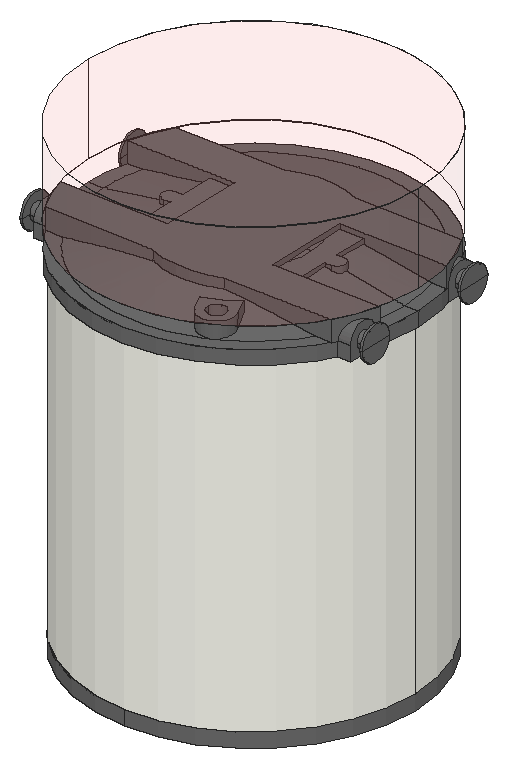
Revit family
Parameters (values of type "1190C4F")
  Watermarked By = "http://revitwatermark.com"
  Water_Ice Tank Volume = "1655 Gallons"
  Warning = "Ice tanks are a component in an ice storage system including chillers, pumps, and controls. Contact CALMAC for IceBank® selection support to make sure all system components will work together properly."
  URL = "http://www.calmac.com/"
  Total Cooling Capacity [instance] = 0.0 ton
  Tank Net Usable Capacity = "162 Ton-Hrs"
  Product Page URL = "http://www.calmac.com/products/icebank.asp"
  Is Tank 1 Front Right Connector Visible = not(CTRL Off)  # yes
  Is Tank 1 Front Left Connector Visible = not(CTRL Off)  # yes
  Is Tank 1 Back Right Connector Visible = not(CTRL Off)  # yes
  Is Tank 1 Back Left Connector Visible = not(CTRL Off)  # yes
  Surface Finish = Plastic- Calmac- Black
  Supply Coolant Temperature [instance] = -459.67 °F
  Storage Inlet Temperature [instance] = 60 °F
  Shipping Weight = 2000.00 lbf
  Return Coolant Temperature [instance] = -459.67 °F
  Requires Plate Heat Exchanger [instance] = no
  Project/Customer = ""
  Product Documentation Link = "http://www.calmac.com/products/documents/CS-56Model1190C4FAug2007.pdf"
  Pressure Drop [instance] = 0.00 psi
  Precool Hours [instance] = 0
  Pipe Material = Plastic- Calmac- Black
  Operating Weight = 16900.00 lbf
  Occupied Hours [instance] = 0
  Model = "1190C"
  Maximum Operating Temperature = "38°C"
  Maximum Operating Pressure = "620 kPa"
  Manufacturer e-mail = "info@Calmac.com"
  Manufacturer Contact Details = "CALMAC Manufacturing Corporation Headquarters, 3-00 Banta Place, Fair Lawn, NJ  07410, Tel: (201) 797-1511, Fax: (201) 797-1522"
  Manufacturer = "CALMAC Manufacturing Corp."  # constant formula
  Main Use [instance] = ""
  Location [instance] = ""
  Lid Type = Cooling_Plant_Accessories-Calmac-IceBank-Lid_C : Lid-C
  Lid Diameter = 89"  # constant formula
  Leg 4 = 46"  # constant formula
  Leg 1 = 46"  # constant formula
  Latent Cooling Capacity [instance] = 0.0 ton
  Inlet Outlet Center Height = 96 1/2"  # constant formula
  Heat Exchanger Volume = "157 Gallons"
  Has Rigging Bar [instance] = no
  Has Plate and Frame Heat Exchanger [instance] = no
  Has Ice Inventory Meter [instance] = no
  Has Heat Transfer Fluid [instance] = no
  Has Glycol Management System [instance] = no
  Floor Loading Weight = "363 lb/sq.ft."
  Factory Tested Pressure = "1724 kPa"
  Diversity Factor [instance] = 0
  Discharge Rate [instance] = 0
  Discharge Hours [instance] = 0
  Description = "Off-Peak Cooling System"
  Is Clearance Box Visible [instance] = yes
  Clearance Box Height = 24"  # constant formula
  City/State [instance] = ""
  CTRL On = yes
  CTRL Off = not(CTRL On)  # no
  CTRL Hydronic Supply Description = "Hydronic Supply"  # constant formula
  CTRL Hydronic Return Description = "Hydronic Return"  # constant formula
  CTRL Base Radius = 43 31/64"
  Body Material = Plastic- Calmac- Off_White
  Has Solid Base [instance] = yes
  Base Height = Inlet Outlet Center Height - 3 3/4"  # 92 3/4"
  Base Finish = Plastic- Calmac- Black
  Assembly Code = "D3030300"
  Actual Chilled Water Flow [instance] = 0 GPM
Reference planes (in)
  plane 1 "Center (Front/Back)": y = 0
  plane 2 "Bottom": z = 0
  plane 3 "Center (Left/Right)": x = 0
  plane 4 "T.O. Base": z = 92.75
  plane 5 "Inlet/Outlet Center (Elevation)": z = 96.5
  plane 6 "Right Connector Face": x = 46
  plane 7 "Left Connector Face": x = -46
  plane 8 "T.O. Lid": z = 102
  plane 9 "Top": z = 126
  plane 10 "Front Connector Center (F/B)": y = -16.5
  plane 11 "Back Connector Center (F/B)": y = 16.5
  plane 12 "Back": y = 44.5
  plane 13 "Front": y = -44.5
Dimensions and locks (in)
  locked: plane 5 "Inlet/Outlet Center (Elevation)" to plane 4 "T.O. Base" at 3.75
  "Inlet Outlet Center Height": plane 5 "Inlet/Outlet Center (Elevation)" to plane 2 "Bottom"
  "Leg 1": plane 3 "Center (Left/Right)" to plane 6 "Right Connector Face"
  "Leg 4": plane 7 "Left Connector Face" to plane 3 "Center (Left/Right)"
  locked: plane 8 "T.O. Lid" to plane 5 "Inlet/Outlet Center (Elevation)" at 5.5
  locked: plane 1 "Center (Front/Back)" to plane 11 "Back Connector Center (F/B)" at 16.5
  locked: plane 10 "Front Connector Center (F/B)" to plane 1 "Center (Front/Back)" at 16.5
  locked: plane 1 "Center (Front/Back)" to plane 12 "Back" at 44.5
  locked: plane 13 "Front" to plane 1 "Center (Front/Back)" at 44.5
  "Clearance Box Height": plane 9 "Top" to plane 8 "T.O. Lid"
  plane 7 "Left Connector Face" to plane 6 "Right Connector Face" = 92"
  plane 13 "Front" to plane 12 "Back" = 89"
  aligned and locked: plane 1 "Center (Front/Back)" to nested 1
  aligned and locked: plane 3 "Center (Left/Right)" to nested 1
  aligned and locked: plane 3 "Center (Left/Right)" to nested 2
  aligned and locked: plane 1 "Center (Front/Back)" to nested 2
  aligned and locked: plane 4 "T.O. Base" to nested 2
  aligned and locked: plane 2 "Bottom" to nested 1
Nested families (in)
  nested 1: "Cooling_Plant_Accessories-Calmac-IceBank-Base" at (0, 0, 0), type "Base"
    with Is Symbolic Line Visible no, Has Solid Base yes, CTRL Inner Wall Radius 42 39/64", CTRL Base Radius 43 31/64", Base Height 92 3/4"
  nested 2: "Cooling_Plant_Accessories-Calmac-IceBank-Lid_C" at (0, 0, 92.75), type <- "Lid Type", Is Front Right  Flanged Connector Visibility <- "Is Tank 1 Front Right Connector Visible", Is Front Left  Flanged Connector Visibility <- "Is Tank 1 Front Left Connector Visible", Is Clearance Box Visible <- "Is Clearance Box Visible", Is Back Right Flanged Connector Visibility <- "Is Tank 1 Back Right Connector Visible", Is Back Left  Flanged Connector Visibility <- "Is Tank 1 Back Left Connector Visible", Diameter <- "Lid Diameter", Clearance Box Height <- "Clearance Box Height", type "Lid-C"
    with Is Front Right  Flanged Connector Visibility yes, Is Front Left  Flanged Connector Visibility yes, Is Clearance Box Visible yes, Is Back Right Flanged Connector Visibility yes, Is Back Left  Flanged Connector Visibility yes, Diameter 89", Clearance Box Height 24", CTRL Radius 44 1/2"
Connectors (in)
  piping at (46.0007, -16.5, 96.5), driven by "CTRL Hydronic Return Description", driven by "Actual Chilled Water Flow"
    settings: on nested 2, index 2, connector radius 2", flow factor 0, pipe flow 0 GPM, pressure drop 0.00 psi, fitting loss kfactor 0, connector angle 0.00°, fixture units 0, flow configuration 0, flow direction 1, fitting loss method 0, system type 8, connector reference index -1, connector utility 0, adjustable connector no, is connector primary yes, fitting loss table "", connector description "Hydronic Return"
  piping at (46.0007, 16.5, 96.5), driven by "CTRL Hydronic Supply Description", driven by "Actual Chilled Water Flow"
    settings: on nested 2, index 3, connector radius 2", flow factor 0, pipe flow 0 GPM, pressure drop 0.00 psi, fitting loss kfactor 0, connector angle 0.00°, fixture units 0, flow configuration 0, flow direction 2, fitting loss method 0, system type 7, connector reference index -1, connector utility 0, adjustable connector no, is connector primary no, fitting loss table "", connector description "Hydronic Supply"
  piping at (-46.0007, 16.5, 96.5)
    settings: on nested 2, index 4, connector radius 2", flow factor 0, pipe flow 0 GPM, pressure drop 0.00 psi, fitting loss kfactor 0, connector angle 0.00°, fixture units 0, flow configuration 0, flow direction 0, fitting loss method 0, system type 7, connector reference index -1, connector utility 0, adjustable connector no, is connector primary no, fitting loss table "", connector description ""
  piping at (-46.0007, -16.5, 96.5)
    settings: on nested 2, index 5, connector radius 2", flow factor 0, pipe flow 0 GPM, pressure drop 0.00 psi, fitting loss kfactor 0, connector angle 0.00°, fixture units 0, flow configuration 0, flow direction 0, fitting loss method 0, system type 7, connector reference index -1, connector utility 0, adjustable connector no, is connector primary no, fitting loss table "", connector description ""
Definition of nested family "Cooling_Plant_Accessories-Calmac-IceBank-Base"
  Parameters (values of type "Base")
    Wall Thickness = 7/8"
    URL = "http://www.calmac.com/"
    Type Comments = ""
    Is Symbolic Line Visible = not(Has Solid Base)  # yes
    Has Solid Base = no
    Model = ""
    Manufacturer = "CALMAC Manufacturing Corp."  # constant formula
    CTRL Inner Wall Radius = CTRL Base Radius - Wall Thickness  # 36"
    CTRL Base Radius = 36 7/8"
    Body Material = Plastic- Calmac- Off_White
    Base Height = 43 5/16"
    Base Finish = Plastic- Calmac- Black
    Assembly Code = "D3030"
  Reference planes (in)
    plane 1 "Center (Front/Back)": y = 0
    plane 2 "Bottom": z = 0
    plane 3 "Center (Left/Right)": x = 0
    plane 4 "Back": y = 36.875
    plane 5 "Front": y = -36.875
    plane 6 "Right": x = 36.875
    plane 7 "Left": x = -36.875
    plane 8 "T.O. Base Plate": z = 4
    plane 9 "Right Edge of Right Void": x = 24.125
    plane 10 "Left Edge of Right Void": x = 13.125
    plane 11 "Left Edge of Left Void": x = -24.125
    plane 12 "Right Edge of Left Void": x = -13.125
    plane 13 "T.O. Base Void": z = 2
    plane 14 "T.O. Base": z = 43.3125
  Forms (in)
    Extrusion 1, solid, material "Plastic- Calmac- Black" <- "Base Finish", visible <- "Is Symbolic Line Visible", detail levels fine
      sketch origin (0, 0, 0) x (1, 0, 0) y (0, 1, 0)
        loop
          circle (0, 0) r 36.875
      from 0 to 4
    Extrusion 2, void
      sketch origin (0, 0, 0) x (1, 0, 0) y (0, 1, 0)
        loop
          line (-24.125, 36.875) -> (-24.125, -36.875) -> (-13.125, -36.875) -> (-13.125, 36.875) -> (-24.125, 36.875)
        loop
          line (13.125, 36.875) -> (13.125, -36.875) -> (24.125, -36.875) -> (24.125, 36.875) -> (13.125, 36.875)
      from 0 to 2
    Extrusion 3, solid, material "Plastic- Calmac- Off_White" <- "Body Material", detail levels fine
      sketch origin (0, 0, 0) x (1, 0, 0) y (0, 1, 0)
        loop
          circle (0, 0) r 36.875
        loop
          circle (0, 0) r 36
      from 4 to 43.3125
    Extrusion 4, solid, material "Plastic- Calmac- Black" <- "Base Finish", visible <- "Has Solid Base", detail levels fine
      sketch origin (0, 0, 43.3125) x (0, -1, 0) y (1, 0, 0)
        loop
          circle (0, 0) r 36.875
      from -43.3125 to -39.3125
  Cuts and joins
    Extrusion 2 cuts Extrusion 3
    Extrusion 2 cuts Extrusion 1
  Lines and regions (in)
    Masking region 1
      outline origin (0, 0, 0) x (1, 0, 0) y (0, 1, 0)
        loop
          circle (0, 0) r 36.875
    Masking region 2
      outline origin (0, 0, 0) x (1, 0, 0) y (0, 0, 1)
        loop
          line (-36.875, 0) -> (36.875, 0) -> (36.875, 43.3125) -> (-36.875, 43.3125) -> (-36.875, 0)
    Masking region 3
      outline origin (0, 0, 0) x (0, 1, 0) y (0, 0, 1)
        loop
          line (-36.875, 0) -> (36.875, 0) -> (36.875, 43.3125) -> (-36.875, 43.3125) -> (-36.875, 0)
    symbolic lines, style "Base", detail levels medium+fine
      curve 1: line (-36.875, 0, 4) -> (36.875, 0, 4)
      curve 8: line (0, -36.875, 4) -> (0, 36.875, 4)
    symbolic lines, style "Base", visible <- "Is Symbolic Line Visible", detail levels medium+fine
      curve 2: line (-24.125, 0, 0) -> (-24.125, 0, 2)
      curve 3: line (-24.125, 0, 2) -> (-13.125, 0, 2)
      curve 4: line (13.125, 0, 2) -> (24.125, 0, 2)
      curve 5: line (13.125, 0, 0) -> (13.125, 0, 2)
      curve 6: line (24.125, 0, 0) -> (24.125, 0, 2)
      curve 7: line (-13.125, 0, 0) -> (-13.125, 0, 2)
    model lines, style "Base", detail levels medium
      curve 9: circle (0, 0, 43.3125) r 36.875 normal (0, 0, 1)
      curve 10: circle (0, 0, 4) r 36.875 normal (0, 0, 1)
      curve 11: circle (0, 0, 0) r 36.875 normal (0, 0, 1)
      curve 12: line (36.875, 0, 0) -> (36.875, 0, 43.3125)
      curve 13: line (-36.875, 0, 0) -> (-36.875, 0, 43.3125)
      curve 14: line (0, -36.875, 0) -> (0, -36.875, 43.3125)
      curve 15: line (0, 36.875, 0) -> (0, 36.875, 43.3125)
    model lines, style "Base", detail levels coarse
      curve 16: line (0, 0, 0) -> (0, 0, 43.3125)
  Dimensions and locks (in)
    locked: plane 7 "Left" to plane 11 "Left Edge of Left Void" at 12.75
    locked: plane 7 "Left" to plane 12 "Right Edge of Left Void" at 23.75
    locked: plane 9 "Right Edge of Right Void" to plane 6 "Right" at 12.75
    locked: plane 10 "Left Edge of Right Void" to plane 6 "Right" at 23.75
    "CTRL Base Radius": plane 7 "Left" to plane 3 "Center (Left/Right)"
    "CTRL Base Radius": plane 3 "Center (Left/Right)" to plane 6 "Right"
    "CTRL Base Radius": plane 1 "Center (Front/Back)" to plane 4 "Back"
    "CTRL Base Radius": plane 5 "Front" to plane 1 "Center (Front/Back)"
    locked: plane 8 "T.O. Base Plate" to plane 2 "Bottom" at 4
    "Base Height": plane 14 "T.O. Base" to plane 2 "Bottom"
    locked: plane 13 "T.O. Base Void" to plane 2 "Bottom" at 2
    "CTRL Base Radius": radius of Extrusion 1 sketch curve
    "CTRL Base Radius": radius of Extrusion 3 sketch curve
    "CTRL Inner Wall Radius": radius of Extrusion 3 sketch curve
    "CTRL Base Radius": radius of Masking region 1 sketch curve
    "CTRL Base Radius": radius of curve 9
    "CTRL Base Radius": radius of curve 10
    "CTRL Base Radius": radius of curve 11
    "CTRL Base Radius": radius of Extrusion 4 sketch curve
    aligned and locked: plane 3 "Center (Left/Right)" to Extrusion 1 sketch curve
    aligned and locked: plane 1 "Center (Front/Back)" to Extrusion 1 sketch curve
    aligned and locked: Extrusion 1 to plane 2 "Bottom"
    aligned and locked: plane 8 "T.O. Base Plate" to Extrusion 1
    aligned and locked: plane 2 "Bottom" to Extrusion 1
    aligned and locked: Extrusion 2 sketch curve to plane 4 "Back"  (x2)
    aligned and locked: Extrusion 2 sketch curve to plane 12 "Right Edge of Left Void"
    aligned and locked: plane 11 "Left Edge of Left Void" to Extrusion 2 sketch curve
    aligned and locked: Extrusion 2 sketch curve to plane 5 "Front"  (x2)
    aligned and locked: Extrusion 2 sketch curve to plane 10 "Left Edge of Right Void"
    aligned and locked: Extrusion 2 sketch curve to plane 9 "Right Edge of Right Void"
    aligned and locked: plane 13 "T.O. Base Void" to Extrusion 2
    aligned and locked: Extrusion 2 to plane 2 "Bottom"
    aligned and locked: Extrusion 2 to plane 5 "Front"
    aligned and locked: plane 4 "Back" to Extrusion 2
    aligned and locked: Extrusion 2 to plane 13 "T.O. Base Void"  (x2)
    aligned and locked: plane 11 "Left Edge of Left Void" to Extrusion 2
    aligned and locked: plane 2 "Bottom" to Extrusion 2  (x2)
    aligned and locked: Extrusion 2 to plane 12 "Right Edge of Left Void"
    aligned and locked: plane 10 "Left Edge of Right Void" to Extrusion 2
    aligned and locked: Extrusion 2 to plane 9 "Right Edge of Right Void"
    aligned and locked: plane 3 "Center (Left/Right)" to Extrusion 3 sketch curve  (x2)
    aligned and locked: plane 1 "Center (Front/Back)" to Extrusion 3 sketch curve  (x2)
    aligned and locked: Extrusion 3 to plane 8 "T.O. Base Plate"
    aligned and locked: plane 14 "T.O. Base" to Extrusion 3
    aligned and locked: plane 3 "Center (Left/Right)" to Masking region 1 sketch curve
    aligned and locked: plane 1 "Center (Front/Back)" to Masking region 1 sketch curve
    aligned and locked: Masking region 2 sketch curve to plane 14 "T.O. Base"
    aligned and locked: plane 6 "Right" to Masking region 2 sketch curve
    aligned and locked: plane 2 "Bottom" to Masking region 2 sketch curve
    aligned and locked: Masking region 2 sketch curve to plane 7 "Left"
    aligned and locked: plane 7 "Left" to curve 1
    aligned and locked: plane 6 "Right" to curve 1
    aligned and locked: curve 1 to plane 8 "T.O. Base Plate"
    aligned and locked: plane 11 "Left Edge of Left Void" to curve 3
    aligned and locked: plane 12 "Right Edge of Left Void" to curve 3
    aligned and locked: curve 3 to plane 13 "T.O. Base Void"
    aligned and locked: plane 2 "Bottom" to curve 2
    aligned and locked: curve 2 to plane 11 "Left Edge of Left Void"
    aligned and locked: plane 10 "Left Edge of Right Void" to curve 4
    aligned and locked: plane 9 "Right Edge of Right Void" to curve 4
    aligned and locked: plane 13 "T.O. Base Void" to curve 5
    aligned and locked: plane 13 "T.O. Base Void" to curve 6
    aligned and locked: plane 2 "Bottom" to curve 5
    aligned and locked: curve 5 to plane 10 "Left Edge of Right Void"
    aligned and locked: curve 6 to plane 9 "Right Edge of Right Void"
    aligned and locked: plane 13 "T.O. Base Void" to curve 7
    aligned and locked: plane 2 "Bottom" to curve 7
    aligned and locked: curve 7 to plane 12 "Right Edge of Left Void"
    aligned and locked: plane 5 "Front" to Masking region 3 sketch curve
    aligned and locked: plane 14 "T.O. Base" to Masking region 3 sketch curve
    aligned and locked: Masking region 3 sketch curve to plane 4 "Back"
    aligned and locked: plane 2 "Bottom" to Masking region 3 sketch curve
    aligned and locked: plane 4 "Back" to curve 8
    aligned and locked: plane 5 "Front" to curve 8
    aligned and locked: curve 8 to plane 8 "T.O. Base Plate"
    aligned and locked: plane 3 "Center (Left/Right)" to curve 9
    aligned and locked: plane 1 "Center (Front/Back)" to curve 9
    aligned and locked: curve 9 to plane 14 "T.O. Base"
    aligned and locked: curve 10 to plane 8 "T.O. Base Plate"
    aligned and locked: plane 3 "Center (Left/Right)" to curve 10
    aligned and locked: plane 1 "Center (Front/Back)" to curve 10
    aligned: curve 11 to plane 2 "Bottom"
    aligned and locked: plane 3 "Center (Left/Right)" to curve 11
    aligned and locked: plane 1 "Center (Front/Back)" to curve 11
    aligned and locked: plane 14 "T.O. Base" to curve 12
    aligned and locked: plane 14 "T.O. Base" to curve 13
    aligned and locked: plane 2 "Bottom" to curve 12
    aligned and locked: plane 2 "Bottom" to curve 13
    aligned and locked: curve 12 to plane 6 "Right"
    aligned and locked: curve 13 to plane 7 "Left"
    aligned and locked: curve 12 to plane 1 "Center (Front/Back)"
    aligned and locked: curve 13 to plane 1 "Center (Front/Back)"
    aligned and locked: plane 14 "T.O. Base" to curve 14
    aligned and locked: plane 14 "T.O. Base" to curve 15
    aligned and locked: plane 2 "Bottom" to curve 14
    aligned and locked: plane 2 "Bottom" to curve 15
    aligned and locked: plane 4 "Back" to curve 15
    aligned and locked: plane 5 "Front" to curve 14
    aligned and locked: plane 3 "Center (Left/Right)" to curve 14
    aligned and locked: plane 3 "Center (Left/Right)" to curve 15
    aligned and locked: plane 14 "T.O. Base" to curve 16
    aligned and locked: plane 2 "Bottom" to curve 16
    aligned and locked: plane 3 "Center (Left/Right)" to curve 16
    aligned and locked: curve 16 to plane 1 "Center (Front/Back)"
    aligned and locked: plane 1 "Center (Front/Back)" to Extrusion 4 sketch curve
    aligned and locked: plane 3 "Center (Left/Right)" to Extrusion 4 sketch curve
    aligned and locked: plane 8 "T.O. Base Plate" to Extrusion 4
    aligned and locked: Extrusion 4 to plane 2 "Bottom"
  Automatic sketch dimensions
    curve 6 to level = 0"
Definition of nested family "Cooling_Plant_Accessories-Calmac-IceBank-Lid_C"
  Parameters (values of type "Lid-C")
    Surface Finish = Plastic- Calmac- Black
    Pipe Material = Plastic- Calmac- Black
    Is Front Right  Flanged Connector Visibility [instance] = yes
    Is Front Left  Flanged Connector Visibility [instance] = yes
    Diameter [instance] = 88 5/8"
    Is Clearance Box Visible [instance] = yes
    Clearance Box Height [instance] = 36"
    CTRL Radius [instance] = Diameter / 2  # 44 5/16"
    Is Back Right Flanged Connector Visibility [instance] = yes
    Is Back Left  Flanged Connector Visibility [instance] = yes
  Reference planes (in)
    plane 1 "Center (Front/Back)": y = 0
    plane 2 "Bottom": z = 0
    plane 3 "Center (Left/Right)": x = 0
    plane 4 "Back": y = 44.315
    plane 5 "Back Connector Back": y = 20.75
    plane 6 "Back Connector Center": y = 16.5
    plane 7 "Back Connector Front": y = 12.25
    plane 8 "Piping Back": y = 21.88647
    plane 9 "Rigging Back": y = 11.25
    plane 10 "Rigging Loop Back": y = 2
    plane 11 "Top Back Edge": y = 24
    plane 12 "Back Inset": y = 40.5
    plane 13 "Back Bolt Front": y = 41.313
    plane 14 "Front": y = -44.315
    plane 15 "Front Connection Front": y = -20.75
    plane 16 "Fron Connector Center": y = -16.5
    plane 17 "Front Connector Back": y = -12.25
    plane 18 "Piping Front": y = -21.88647
    plane 19 "Rigging Front": y = -11.25
    plane 20 "Rigging Loop Front": y = -2
    plane 21 "Top Front Edge": y = -24
    plane 22 "Front Inset": y = -40.5
    plane 23 "Pad Eye Back Right": y = -25.81593
    plane 24 "Pad Eye Back Left Offset": y = -29.90257
    plane 25 "Pad Eye Hole": y = -34.65277
    plane 26 "Pad Eye Back Left": y = -29.72849
    plane 27 "Pad Eye Front Center": y = -36.16371
    plane 28 "Left Connection": x = -44.04297
    plane 29 "Left": x = -44.31273
    plane 30 "Left Lip Inset": x = -40.49773
    plane 31 "Left Rigging Loop Left": x = -24.67173
    plane 32 "Left Rigging Loop Inset": x = -21.42181
    plane 33 "Left Rigging Loop Right": x = -20.67011
    plane 34 "Left Rigging Right": x = -14.19546
    plane 35 "Top Left": x = -9.54335
    plane 36 "Right Connection": x = 44.04297
    plane 37 "Right": x = 44.31273
    plane 38 "Lid Inset Right": x = 40.49773
    plane 39 "Right Rigging Loop Right": x = 24.67173
    plane 40 "Right Rigging Loop Inset": x = 21.42181
    plane 41 "Right Rigging Loop Left": x = 20.67011
    plane 42 "Right Rigging Left": x = 14.19546
    plane 43 "Top Right": x = 9.54335
    plane 44 "Connection Sleeve Left": x = -42.58273
    plane 45 "Connection Sleeve Right": x = 42.58273
    plane 46 "Right Center": x = 17.8202
    plane 47 "Bolt Inset Right": x = 1.00017
    plane 48 "Bolt Inset Left": x = -1.00017
    plane 49 "Bolt Inset Center": y = 42.31422
    plane 50 "Top Left Inset": x = -38.53052
    plane 51 "Top Right Inset": x = 38.53052
    plane 52 "Right Side Chanel": x = 42.86089
    plane 53 "Left Side Channel": x = -42.86089
    plane 54 "Top of Clearance Box": z = 45.25
    plane 55 "Top": z = 9.25
    plane 56 "Connector Channel Top": z = 8
    plane 57 "Center (Elevation)": z = 3.75
    plane 58 "Front Inset 2": y = -36.85443
    plane 59 "Flange Left": x = -46.0007
    plane 60 "Flange Right": x = 46.0007
  Forms (in)
    Revolve 1, solid, material "Plastic- Calmac- Black" <- "Surface Finish", detail levels fine
      sketch origin (0, 0, 0) x (1, 0, 0) y (0, 0, 1)
        loop
          line (0, 9) -> (0, 0) -> (44.31273, 0) -> (44.31273, 3.75) -> (40.49773, 3.75) -> (9.54335, 9) -> (0, 9)
        axis (0, 9) -> (0, 0)
      angle from 0 to 360
    Extrusion 2, solid, material "Plastic- Calmac- Black" <- "Surface Finish", detail levels fine
      sketch origin (0, 0, 0) x (1, 0, 0) y (0, 1, 0)
        loop
          arc (-38.53052, 21.88647) -> (-41.04173, 16.70911) -> (-42.86089, 11.25) r 44.31273
          line (-42.86089, 11.25) -> (-14.19546, 11.25) -> (-14.19546, -11.25) -> (-42.86089, -11.25)
          arc (-42.86089, -11.25) -> (-41.04173, -16.70911) -> (-38.53052, -21.88647) r 44.31273
          line (-38.53052, -21.88647) -> (-9.54335, -21.88647)
          arc (-9.54335, -21.88647) -> (0, -24) -> (9.54335, -21.88647) r 22.60261
          line (9.54335, -21.88647) -> (38.53052, -21.88647)
          arc (38.53052, -21.88647) -> (41.04173, -16.70911) -> (42.86089, -11.25) r 44.31273
          line (42.86089, -11.25) -> (14.19546, -11.25) -> (14.19546, 11.25) -> (42.86089, 11.25)
          arc (42.86089, 11.25) -> (41.04173, 16.70911) -> (38.53052, 21.88647) r 44.31273
          line (38.53052, 21.88647) -> (9.54335, 21.88647)
          arc (9.54335, 21.88647) -> (0, 24) -> (-9.54335, 21.88647) r 22.60261
          line (-9.54335, 21.88647) -> (-38.53052, 21.88647)
      from 3.75 to 9.25
    Extrusion 3, solid, material "Plastic- Calmac- Black" <- "Surface Finish", detail levels fine
      sketch origin (0, 0, 0) x (0, 1, 0) y (0, 0, 1)
        loop
          arc (20.75, 3.75) -> (16.5, 8) -> (12.25, 3.75) r 4.25
          line (12.25, 3.75) -> (12.25, 0) -> (20.75, 0) -> (20.75, 3.75)
        loop
          arc (-12.25, 3.75) -> (-16.5, 8) -> (-20.75, 3.75) r 4.25
          line (-20.75, 3.75) -> (-20.75, 0) -> (-12.25, 0) -> (-12.25, 3.75)
      from -42.58273 to 42.58273
    Extrusion 4, solid, material "Plastic- Calmac- Black" <- "Surface Finish", detail levels fine
      sketch origin (0, 0, 0) x (1, 0, 0) y (0, 1, 0)
        loop
          circle (15.75299, -32.19443) r 2.46875
        loop
          arc (17.70624, -25.58301) -> (13.67455, -27.9461) -> (9.33437, -29.67863) r 31.11
          line (9.33437, -29.67863) -> (11.56709, -34.24232)
          arc (11.56709, -34.24232) -> (17.80089, -36.38032) -> (19.93889, -30.14653) r 4.66
          line (19.93889, -30.14653) -> (17.70624, -25.58301)
      from 3.75 to 8
    Extrusion 5, solid, material "Plastic- Calmac- Black" <- "Surface Finish", detail levels fine
      sketch origin (0, 0, 0) x (1, 0, 0) y (0, 1, 0)
        loop
          line (-20.67011, 11.25) -> (-20.67011, 2) -> (-22.67173, 2)
          arc (-22.67173, 2) -> (-24.67173, 0) -> (-22.67173, -2) r 2
          line (-22.67173, -2) -> (-20.67011, -2) -> (-20.67011, -11.25) -> (-14.19546, -11.25) -> (-14.19546, 11.25) -> (-20.67011, 11.25)
        loop
          line (20.67011, 2) -> (20.67011, 11.25) -> (14.19546, 11.25) -> (14.19546, -11.25) -> (20.67011, -11.25) -> (20.67011, -2) -> (22.67548, -2)
          arc (22.67548, -2) -> (24.67548, 0) -> (22.67548, 2) r 2
          line (22.67548, 2) -> (20.67011, 2)
      from 3.75 to 8
  Cuts and joins
    joined: Revolve 1, Extrusion 2, Extrusion 4, Extrusion 5
  Lines and regions (in)
    Masking region 1
      outline origin (0, 0, 0) x (1, 0, 0) y (0, 0, 1)
        loop
          line (-44.31273, 9.25) -> (-44.31273, 0) -> (44.31273, 0) -> (44.31273, 9.25) -> (-44.31273, 9.25)
    Masking region 2
      outline origin (0, 0, 0) x (0, 1, 0) y (0, 0, 1)
        loop
          line (44.315, 3.75) -> (40.5, 3.75) -> (24, 6.54801) -> (24, 9.25) -> (-24, 9.25) -> (-24, 6.54801) -> (-25.58301, 6.26888) -> (-25.58301, 8) -> (-36.85443, 8) -> (-36.85443, 4.39281) -> (-40.5, 3.75) -> (-44.315, 3.75) -> (-44.315, 0) -> (44.315, 0) -> (44.315, 3.75)
    Masking region 3
      outline origin (0, 0, 3.75) x (-1, 0, 0) y (0, -1, 0)
        loop
          arc (-44.31273, 0) -> (-43.8781, -6.19116) -> (-42.58273, -12.26088) r 44.31273
          line (-42.58273, -12.26088) -> (-42.58273, -20.75) -> (-39.15426, -20.75)
          arc (-39.15426, -20.75) -> (0, -44.31273) -> (39.15426, -20.75) r 44.31273
          line (39.15426, -20.75) -> (42.58273, -20.75) -> (42.58273, -12.26088)
          arc (42.58273, -12.26088) -> (43.8781, -6.19116) -> (44.31273, 0) r 44.31273
          arc (44.31273, 0) -> (43.8781, 6.19116) -> (42.58273, 12.26088) r 44.31273
          line (42.58273, 12.26088) -> (42.58273, 20.75) -> (39.15426, 20.75)
          arc (39.15426, 20.75) -> (0, 44.31273) -> (-39.15426, 20.75) r 44.31273
          line (-39.15426, 20.75) -> (-42.58273, 20.75) -> (-42.58273, 12.26088)
          arc (-42.58273, 12.26088) -> (-43.8781, 6.19116) -> (-44.31273, 0) r 44.31273
    symbolic lines, detail levels fine
      curve 1: line (1.00017, 44.315, 3.75) -> (1.00017, 42.31422, 3.75)
      curve 2: line (-1.00017, 44.315, 3.75) -> (-1.00017, 42.31422, 3.75)
      curve 3: arc (-1.00017, 42.31422, 3.75) -> (0, 41.31405, 3.75) -> (1.00017, 42.31422, 3.75) r 1.00017
      curve 4: line (10.83611, 42.98137, 3.75) -> (10.39089, 41.03076, 3.75)
      curve 5: line (8.88592, 43.42649, 3.75) -> (8.44071, 41.47588, 3.75)
      curve 6: arc (8.44071, 41.47588, 3.75) -> (9.19324, 40.27822, 3.75) -> (10.39089, 41.03076, 3.75) r 1.00017
      curve 7: line (-8.88592, 43.42649, 3.75) -> (-8.44071, 41.47588, 3.75)
      curve 8: line (-10.83611, 42.98137, 3.75) -> (-10.39089, 41.03076, 3.75)
      curve 9: arc (-10.39089, 41.03076, 3.75) -> (-9.19324, 40.27822, 3.75) -> (-8.44071, 41.47588, 3.75) r 1.00017
      curve 10: line (-18.32644, 40.36039, 3.75) -> (-17.45833, 38.55775, 3.75)
      curve 11: line (-20.12868, 39.49248, 3.75) -> (-19.26058, 37.68984, 3.75)
      curve 12: arc (-19.26058, 37.68984, 3.75) -> (-17.9255, 37.22267, 3.75) -> (-17.45833, 38.55775, 3.75) r 1.00017
      curve 13: line (-26.84799, 35.27046, 3.75) -> (-25.60052, 33.70619, 3.75)
      curve 14: line (-28.41192, 34.02327, 3.75) -> (-27.16445, 32.45899, 3.75)
      curve 15: arc (-27.16445, 32.45899, 3.75) -> (-25.75889, 32.30063, 3.75) -> (-25.60052, 33.70619, 3.75) r 1.00017
      curve 16: line (-34.02327, 28.41192, 3.75) -> (-32.45899, 27.16445, 3.75)
      curve 17: line (-35.27046, 26.84799, 3.75) -> (-33.70619, 25.60052, 3.75)
      curve 18: arc (-33.70619, 25.60052, 3.75) -> (-32.30063, 25.75889, 3.75) -> (-32.45899, 27.16445, 3.75) r 1.00017
      curve 19: line (-42.98137, 10.83611, 3.75) -> (-41.03076, 10.39089, 3.75)
      curve 20: line (-43.42649, 8.88592, 3.75) -> (-41.47588, 8.44071, 3.75)
      curve 21: arc (-41.47588, 8.44071, 3.75) -> (-40.27822, 9.19324, 3.75) -> (-41.03076, 10.39089, 3.75) r 1.00017
      curve 22: line (-44.315, 1.00017, 3.75) -> (-42.31422, 1.00017, 3.75)
      curve 23: line (-44.315, -1.00017, 3.75) -> (-42.31422, -1.00017, 3.75)
      curve 24: arc (-42.31422, -1.00017, 3.75) -> (-41.31405, 0, 3.75) -> (-42.31422, 1.00017, 3.75) r 1.00017
      curve 25: line (-43.42649, -8.88592, 3.75) -> (-41.47588, -8.44071, 3.75)
      curve 26: line (-42.98137, -10.83611, 3.75) -> (-41.03076, -10.39089, 3.75)
      curve 27: arc (-41.03076, -10.39089, 3.75) -> (-40.27822, -9.19324, 3.75) -> (-41.47588, -8.44071, 3.75) r 1.00017
      curve 28: line (-35.27046, -26.84799, 3.75) -> (-33.70619, -25.60052, 3.75)
      curve 29: line (-34.02327, -28.41192, 3.75) -> (-32.45899, -27.16445, 3.75)
      curve 30: arc (-32.45899, -27.16445, 3.75) -> (-32.30063, -25.75889, 3.75) -> (-33.70619, -25.60052, 3.75) r 1.00017
      curve 31: line (-28.41192, -34.02327, 3.75) -> (-27.16445, -32.45899, 3.75)
      curve 32: line (-26.84799, -35.27046, 3.75) -> (-25.60052, -33.70619, 3.75)
      curve 33: arc (-25.60052, -33.70619, 3.75) -> (-25.75889, -32.30063, 3.75) -> (-27.16445, -32.45899, 3.75) r 1.00017
      curve 34: line (-20.12868, -39.49248, 3.75) -> (-19.26058, -37.68984, 3.75)
      curve 35: line (-18.32644, -40.36039, 3.75) -> (-17.45833, -38.55775, 3.75)
      curve 36: arc (-17.45833, -38.55775, 3.75) -> (-17.9255, -37.22267, 3.75) -> (-19.26058, -37.68984, 3.75) r 1.00017
      curve 37: line (-10.83611, -42.98137, 3.75) -> (-10.39089, -41.03076, 3.75)
      curve 38: line (-8.88592, -43.42649, 3.75) -> (-8.44071, -41.47588, 3.75)
      curve 39: arc (-8.44071, -41.47588, 3.75) -> (-9.19324, -40.27822, 3.75) -> (-10.39089, -41.03076, 3.75) r 1.00017
      curve 40: line (-1.00017, -44.315, 3.75) -> (-1.00017, -42.31422, 3.75)
      curve 41: line (1.00017, -44.315, 3.75) -> (1.00017, -42.31422, 3.75)
      curve 42: arc (1.00017, -42.31422, 3.75) -> (0, -41.31405, 3.75) -> (-1.00017, -42.31422, 3.75) r 1.00017
      curve 43: line (8.88592, -43.42649, 3.75) -> (8.44071, -41.47588, 3.75)
      curve 44: line (10.83611, -42.98137, 3.75) -> (10.39089, -41.03076, 3.75)
      curve 45: arc (10.39089, -41.03076, 3.75) -> (9.19324, -40.27822, 3.75) -> (8.44071, -41.47588, 3.75) r 1.00017
      curve 46: line (18.32644, -40.36039, 3.75) -> (17.45833, -38.55775, 3.75)
      curve 47: line (20.12868, -39.49248, 3.75) -> (19.26058, -37.68984, 3.75)
      curve 48: arc (19.26058, -37.68984, 3.75) -> (17.9255, -37.22267, 3.75) -> (17.45833, -38.55775, 3.75) r 1.00017
      curve 49: line (26.84799, -35.27046, 3.75) -> (25.60052, -33.70619, 3.75)
      curve 50: line (28.41192, -34.02327, 3.75) -> (27.16445, -32.45899, 3.75)
      curve 51: arc (27.16445, -32.45899, 3.75) -> (25.75889, -32.30063, 3.75) -> (25.60052, -33.70619, 3.75) r 1.00017
      curve 52: line (34.02327, -28.41192, 3.75) -> (32.45899, -27.16445, 3.75)
      curve 53: line (35.27046, -26.84799, 3.75) -> (33.70619, -25.60052, 3.75)
      curve 54: arc (33.70619, -25.60052, 3.75) -> (32.30063, -25.75889, 3.75) -> (32.45899, -27.16445, 3.75) r 1.00017
      curve 55: line (42.98137, -10.83611, 3.75) -> (41.03076, -10.39089, 3.75)
      curve 56: line (43.42649, -8.88592, 3.75) -> (41.47588, -8.44071, 3.75)
      curve 57: arc (41.47588, -8.44071, 3.75) -> (40.27822, -9.19324, 3.75) -> (41.03076, -10.39089, 3.75) r 1.00017
      curve 58: line (44.315, -1.00017, 3.75) -> (42.31422, -1.00017, 3.75)
      curve 59: line (44.315, 1.00017, 3.75) -> (42.31422, 1.00017, 3.75)
      curve 60: arc (42.31422, 1.00017, 3.75) -> (41.31405, 0, 3.75) -> (42.31422, -1.00017, 3.75) r 1.00017
      curve 61: line (43.42649, 8.88592, 3.75) -> (41.47588, 8.44071, 3.75)
      curve 62: line (42.98137, 10.83611, 3.75) -> (41.03076, 10.39089, 3.75)
      curve 63: arc (41.03076, 10.39089, 3.75) -> (40.27822, 9.19324, 3.75) -> (41.47588, 8.44071, 3.75) r 1.00017
      curve 64: line (35.27046, 26.84799, 3.75) -> (33.70619, 25.60052, 3.75)
      curve 65: line (34.02327, 28.41192, 3.75) -> (32.45899, 27.16445, 3.75)
      curve 66: arc (32.45899, 27.16445, 3.75) -> (32.30063, 25.75889, 3.75) -> (33.70619, 25.60052, 3.75) r 1.00017
      curve 67: line (28.41192, 34.02327, 3.75) -> (27.16445, 32.45899, 3.75)
      curve 68: line (26.84799, 35.27046, 3.75) -> (25.60052, 33.70619, 3.75)
      curve 69: arc (25.60052, 33.70619, 3.75) -> (25.75889, 32.30063, 3.75) -> (27.16445, 32.45899, 3.75) r 1.00017
      curve 70: line (20.12868, 39.49248, 3.75) -> (19.26058, 37.68984, 3.75)
      curve 71: line (18.32644, 40.36039, 3.75) -> (17.45833, 38.55775, 3.75)
      curve 72: arc (17.45833, 38.55775, 3.75) -> (17.9255, 37.22267, 3.75) -> (19.26058, 37.68984, 3.75) r 1.00017
    symbolic lines, style "Thermal Energy Storage", detail levels medium+fine
      curve 73: arc (0, 20.75, 3.75) -> (0, 16.5, 8) -> (0, 12.25, 3.75) r 4.25
      curve 74: line (0, 20.75, 0) -> (0, 20.75, 3.75)
      curve 75: line (0, 12.25, 3.75) -> (0, 12.25, 0)
      curve 77: line (0, 21.88647, 3.75) -> (0, 21.88647, 9.25)
      curve 78: line (0, 21.88647, 3.75) -> (0, 40.5, 3.75)
      curve 80: line (0, -11.25, 3.75) -> (0, -11.25, 9.25)
      curve 86: line (0, 11.25, 9.25) -> (0, 11.25, 3.75)
      curve 87: line (0, 11.25, 3.75) -> (0, -11.25, 3.75)
      curve 88: arc (0, -12.25, 3.75) -> (0, -16.5, 8) -> (0, -20.75, 3.75) r 4.25
      curve 89: line (0, -12.25, 0) -> (0, -12.25, 3.75)
      curve 90: line (0, -20.75, 3.75) -> (0, -20.75, 0)
      curve 95: line (0, -21.88647, 9.25) -> (0, -21.88647, 3.75)
      curve 96: line (0, -21.88647, 3.75) -> (0, -40.49773, 3.75)
      curve 98: line (-38.53052, 0, 3.75) -> (38.53052, 0, 3.75)
      curve 100: line (-38.53052, 0, 3.75) -> (-38.53052, 0, 9.25)
      curve 110: line (38.53052, 0, 3.75) -> (38.53052, 0, 9.25)
      curve 121: line (-9.54335, 21.88647, 3.75) -> (-38.53052, 21.88647, 3.75)
      curve 122: arc (-38.53052, 21.88647, 3.75) -> (-41.04173, 16.70911, 3.75) -> (-42.86089, 11.25, 3.75) r 44.31273
      curve 123: line (-42.86089, 11.25, 3.75) -> (-14.19546, 11.25, 3.75)
      curve 124: line (-14.19546, 11.25, 3.75) -> (-14.19546, -11.25, 3.75)
      curve 125: line (-14.19546, -11.25, 3.75) -> (-42.86089, -11.25, 3.75)
      curve 126: arc (-42.86089, -11.25, 3.75) -> (-41.04173, -16.70911, 3.75) -> (-38.53052, -21.88647, 3.75) r 44.31273
      curve 127: line (-38.53052, -21.88647, 3.75) -> (-9.54335, -21.88647, 3.75)
      curve 128: arc (-9.54335, -21.88647, 3.75) -> (0, -24, 3.75) -> (9.54335, -21.88647, 3.75) r 22.60261
      curve 129: line (9.54335, -21.88647, 3.75) -> (38.53052, -21.88647, 3.75)
      curve 130: arc (38.53052, -21.88647, 3.75) -> (41.04173, -16.70911, 3.75) -> (42.86089, -11.25, 3.75) r 44.31273
      curve 131: line (42.86089, -11.25, 3.75) -> (14.19546, -11.25, 3.75)
      curve 132: line (14.19546, -11.25, 3.75) -> (14.19546, 11.25, 3.75)
      curve 133: line (14.19546, 11.25, 3.75) -> (42.86089, 11.25, 3.75)
      curve 134: arc (42.86089, 11.25, 3.75) -> (41.04173, 16.70911, 3.75) -> (38.53052, 21.88647, 3.75) r 44.31273
      curve 135: line (38.53052, 21.88647, 3.75) -> (9.54335, 21.88647, 3.75)
      curve 136: arc (9.54335, 21.88647, 3.75) -> (0, 24, 3.75) -> (-9.54335, 21.88647, 3.75) r 22.60261
      curve 165: arc (-34.07417, -21.88647, 3.75) -> (0, -40.51236, 3.75) -> (34.07417, -21.88647, 3.75) r 40.48056
      curve 166: arc (-38.90378, -11.25, 3.75) -> (-40.49773, 0, 3.75) -> (-38.90378, 11.25, 3.75) r 40.49773
      curve 167: arc (-34.07417, 21.88647, 3.75) -> (0, 40.5, 3.75) -> (34.07417, 21.88647, 3.75) r 40.49507
      curve 168: arc (38.90378, 11.25, 3.75) -> (40.49773, 0, 3.75) -> (38.90378, -11.25, 3.75) r 40.49773
    symbolic lines, style "Thermal Energy Storage", detail levels fine
      curve 76: line (0, 24, 6.54801) -> (0, 21.87678, 6.54801)
      curve 79: arc (0, -2, 7.09716) -> (0, -6.62882, 6.93697) -> (0, -11.25, 6.62646) r 142.52273
      curve 81: line (0, -11.25, 8) -> (0, -2, 8)
      curve 82: line (0, -2, 8) -> (0, -2, 6.75604)
      curve 83: arc (0, 11.25, 6.62646) -> (0, 6.62882, 6.93697) -> (0, 2, 7.09716) r 142.52273
      curve 84: line (0, 2, 6.75593) -> (0, 2, 8)
      curve 85: line (0, 2, 8) -> (0, 11.25, 8)
      curve 91: line (0, -36.85495, 4.39272) -> (0, -25.60206, 6.37691)
      curve 92: line (0, -24, 6.54801) -> (0, -21.9107, 6.54801)
      curve 93: spline (0, -1.99864, 6.75604) -> (0, -1.98159, 6.71429) -> (0, -1.93074, 6.67324) -> (0, -1.84694, 6.63358) -> (0, -1.73161, 6.59599) -> (0, -1.58672, 6.56109) -> (0, -1.4147, 6.52948) -> (0, -1.21849, 6.50169) -> (0, -1.0014, 6.4782) -> (0, -0.7671, 6.45941) -> (0, -0.51958, 6.44563) -> (0, -0.26302, 6.43709) -> (0, -0.00177, 6.43395)
      curve 94: spline (0, -0.00177, 6.43395) -> (0, 0.25981, 6.43472) -> (0, 0.51674, 6.44125) -> (0, 0.76466, 6.45344) -> (0, 0.99936, 6.47108) -> (0, 1.21686, 6.49387) -> (0, 1.41346, 6.52142) -> (0, 1.58583, 6.55326) -> (0, 1.73103, 6.58885) -> (0, 1.84661, 6.62759) -> (0, 1.93059, 6.66882) -> (0, 1.98156, 6.71185) -> (0, 1.99865, 6.75593)
      curve 97: line (-42.58273, 0, 8) -> (-42.58273, 0, 0)
      curve 99: spline (9.33437, 0, 6.56806) -> (7.83355, 0, 6.56193) -> (6.29236, 0, 6.55689) -> (4.71875, 0, 6.55296) -> (3.12081, 0, 6.55016) -> (1.50679, 0, 6.54851) -> (-0.115, 0, 6.54801) -> (-1.73619, 0, 6.54867) -> (-3.34844, 0, 6.55049) -> (-4.94343, 0, 6.55345) -> (-6.51294, 0, 6.55754) -> (-8.04888, 0, 6.56273) -> (-9.54335, 0, 6.56901)
      curve 101: line (9.33437, 0, 5.34188) -> (9.33437, 0, 8)
      curve 102: line (20.41299, 0, 8) -> (9.33437, 0, 8)
      curve 103: line (9.54335, 0, 8) -> (9.54335, 0, 9)
      curve 104: line (20.41299, 0, 8) -> (20.41299, 0, 4.17536)
      curve 105: line (9.33437, 0, 5.34188) -> (11.56709, 0, 4.48854)
      curve 106: arc (11.56709, 0, 4.48854) -> (14.16986, 0, 3.94334) -> (16.82208, 0, 3.75) r 19.90238
      curve 107: arc (20.41299, 0, 4.17536) -> (20.37233, 0, 4.0464) -> (20.26505, 0, 3.96408) r 0.22484
      curve 108: line (18.16352, 0, 3.75) -> (20.26505, 0, 3.96408)
      curve 109: line (20.41299, 0, 5.54906) -> (33.00047, 0, 3.75)
      curve 111: line (42.58273, 0, 0) -> (42.58273, 0, 8)
      curve 112: arc (41.33273, 0, 8) -> (39.81665, 0, 7.15086) -> (39.24367, 0, 5.51036) r 2.45264
      curve 113: line (39.24367, 0, 5.51036) -> (39.08966, 0, 3.75)
      curve 114: line (41.33273, 0, 8) -> (42.58273, 0, 8)
      curve 115: line (-9.54335, 0, 6.56901) -> (-34.07417, 0, 3.75)
      curve 116: line (39.08966, 0, 3.75) -> (39.08966, 0, 0)
      curve 117: arc (-41.33273, 0, 8) -> (-39.81665, 0, 7.15086) -> (-39.24367, 0, 5.51036) r 2.45264
      curve 118: line (-39.24367, 0, 5.51036) -> (-39.08966, 0, 3.75)
      curve 119: line (-39.08966, 0, 3.75) -> (-39.08966, 0, 0)
      curve 120: line (-42.58273, 0, 8) -> (-41.33273, 0, 8)
      curve 137: line (20.67011, 2, 3.75) -> (20.67011, 11.25, 3.75)
      curve 138: line (20.67011, 11.25, 3.75) -> (14.19546, 11.25, 3.75)
      curve 139: line (14.19546, 11.25, 3.75) -> (14.19546, 6.07162, 3.75)
      curve 140: arc (14.19546, 6.07162, 3.75) -> (15.12523, 3.09887, 3.75) -> (15.43942, 0, 3.75) r 15.43942
      curve 141: arc (15.43942, 0, 3.75) -> (15.12523, -3.09887, 3.75) -> (14.19546, -6.07162, 3.75) r 15.43942
      curve 142: line (14.19546, -6.07162, 3.75) -> (14.19546, -11.25, 3.75)
      curve 143: line (14.19546, -11.25, 3.75) -> (20.67011, -11.25, 3.75)
      curve 144: line (20.67011, -11.25, 3.75) -> (20.67011, -2, 3.75)
      curve 145: line (20.67011, -2, 3.75) -> (22.67548, -2, 3.75)
      curve 146: arc (22.67548, -2, 3.75) -> (24.67548, 0, 3.75) -> (22.67548, 2, 3.75) r 2
      curve 147: line (22.67548, 2, 3.75) -> (20.67011, 2, 3.75)
      curve 148: line (-20.67011, 11.25, 3.75) -> (-20.67011, 2, 3.75)
      curve 149: line (-20.67011, 2, 3.75) -> (-22.67173, 2, 3.75)
      curve 150: arc (-22.67173, 2, 3.75) -> (-24.67173, 0, 3.75) -> (-22.67173, -2, 3.75) r 2
      curve 151: line (-22.67173, -2, 3.75) -> (-20.67011, -2, 3.75)
      curve 152: line (-20.67011, -2, 3.75) -> (-20.67011, -11.25, 3.75)
      curve 153: line (-20.67011, -11.25, 3.75) -> (-14.19546, -11.25, 3.75)
      curve 154: line (-14.19546, -11.25, 3.75) -> (-14.19546, -6.07162, 3.75)
      curve 155: arc (-14.19546, -6.07162, 3.75) -> (-15.12523, -3.09887, 3.75) -> (-15.43942, 0, 3.75) r 15.43942
      curve 156: arc (-15.43942, 0, 3.75) -> (-15.12523, 3.09887, 3.75) -> (-14.19546, 6.07162, 3.75) r 15.43942
      curve 157: line (-14.19546, 6.07162, 3.75) -> (-14.19546, 11.25, 3.75)
      curve 158: line (-14.19546, 11.25, 3.75) -> (-20.67011, 11.25, 3.75)
      curve 159: arc (17.70624, -25.58301, 3.75) -> (13.67455, -27.9461, 3.75) -> (9.33437, -29.67863, 3.75) r 31.11
      curve 160: line (9.33437, -29.67863, 3.75) -> (11.56709, -34.24232, 3.75)
      curve 161: arc (11.56709, -34.24232, 3.75) -> (17.80089, -36.38032, 3.75) -> (19.93889, -30.14653, 3.75) r 4.66
      curve 162: line (19.93889, -30.14653, 3.75) -> (17.70624, -25.58301, 3.75)
      curve 163: arc (13.28424, -32.19443, 3.75) -> (15.75299, -29.72568, 3.75) -> (18.22174, -32.19443, 3.75) r 2.46875
      curve 164: arc (18.22174, -32.19443, 3.75) -> (15.75299, -34.66318, 3.75) -> (13.28424, -32.19443, 3.75) r 2.46875
    model lines, style "Thermal Energy Storage", detail levels medium
      curve 169: arc (44.31273, 0, 0) -> (0, 44.31273, 0) -> (-44.31273, 0, 0) r 44.31273
      curve 170: arc (-44.31273, 0, 0) -> (0, -44.31273, 0) -> (44.31273, 0, 0) r 44.31273
      curve 171: arc (44.31273, 0, 3.75) -> (0, 44.31273, 3.75) -> (-44.31273, 0, 3.75) r 44.31273
      curve 172: arc (-44.31273, 0, 3.75) -> (0, -44.31273, 3.75) -> (44.31273, 0, 3.75) r 44.31273
      curve 173: arc (-34.07417, 21.88647, 3.75) -> (0, 40.49773, 3.75) -> (34.07417, 21.88647, 3.75) r 40.49773
      curve 174: arc (34.07417, -21.88647, 3.75) -> (0, -40.49773, 3.75) -> (-34.07417, -21.88647, 3.75) r 40.49773
      curve 175: arc (-38.90378, -11.25, 3.75) -> (-40.09726, -5.68118, 3.75) -> (-40.49773, 0, 3.75) r 40.49773
      curve 176: arc (-40.49773, 0, 3.75) -> (-40.09726, 5.68118, 3.75) -> (-38.90378, 11.25, 3.75) r 40.49773
      curve 177: arc (40.49773, 0, 3.75) -> (40.09726, -5.68118, 3.75) -> (38.90378, -11.25, 3.75) r 40.49773
      curve 178: arc (38.90378, 11.25, 3.75) -> (40.09726, 5.68118, 3.75) -> (40.49773, 0, 3.75) r 40.49773
      curve 179: line (38.53052, 21.88647, 3.75) -> (8.66096, 21.88647, 3.75)
      curve 180: arc (9.54335, 21.88647, 3.75) -> (0, 24, 3.75) -> (-9.54335, 21.88647, 3.75) r 22.60261
      curve 181: line (-9.54335, 21.88647, 3.75) -> (-38.53052, 21.88647, 3.75)
      curve 182: line (-42.86089, 11.25, 3.75) -> (-14.19546, 11.25, 3.75)
      curve 183: line (-14.19546, 11.25, 3.75) -> (-14.19546, -11.25, 3.75)
      curve 184: line (-14.19546, -11.25, 3.75) -> (-42.86089, -11.25, 3.75)
      curve 185: line (-38.53052, -21.88647, 3.75) -> (-9.54335, -21.88647, 3.75)
      curve 186: arc (-9.54335, -21.88647, 3.75) -> (0, -24, 3.75) -> (9.54335, -21.88647, 3.75) r 22.60261
      curve 187: line (9.54335, -21.88647, 3.75) -> (38.53052, -21.88647, 3.75)
      curve 188: line (42.86089, -11.25, 3.75) -> (14.19546, -11.25, 3.75)
      curve 189: line (14.19546, -11.25, 3.75) -> (14.19546, 11.25, 3.75)
      curve 190: line (14.19546, 11.25, 3.75) -> (42.86089, 11.25, 3.75)
      curve 191: line (-42.86089, 11.25, 9.25) -> (-42.86089, 11.25, 3.75)
      curve 192: line (-42.86089, -11.25, 3.75) -> (-42.86089, -11.25, 9.25)
      curve 193: line (42.86089, 11.25, 3.75) -> (42.86089, 11.25, 9.25)
      curve 194: line (42.86089, -11.25, 9.25) -> (42.86089, -11.25, 3.75)
      curve 195: line (-38.53052, 21.88647, 3.75) -> (-38.53052, 21.88647, 9.25)
      curve 196: line (-38.53052, -21.88647, 9.03655) -> (-38.53052, -21.88647, 3.75)
      curve 197: line (38.53052, 21.88647, 9.25) -> (38.53052, 21.88647, 3.89855)
      curve 198: line (38.53052, -21.88647, 3.75) -> (38.53052, -21.88647, 9.25)
    model lines, style "Thermal Energy Storage", detail levels coarse
      curve 199: line (-44.31273, 0, 9.25) -> (44.31273, 0, 9.25)
      curve 200: line (0, -44.31273, 9.25) -> (0, 44.31273, 9.25)
      curve 201: line (0, 0, 9.25) -> (0, 0, 0)
      curve 202: line (9.54335, -21.88647, 9.25) -> (38.53052, -21.88647, 9.25)
      curve 203: arc (-9.54335, -21.88647, 9.25) -> (0, -24, 9.25) -> (9.54335, -21.88647, 9.25) r 22.60261
      curve 204: line (-38.53052, -21.88647, 9.25) -> (-9.54335, -21.88647, 9.25)
      curve 205: line (-14.19546, -11.25, 9.25) -> (-42.86089, -11.25, 9.25)
      curve 206: line (-14.19546, 11.25, 9.25) -> (-14.19546, -11.25, 9.25)
      curve 207: line (-42.86089, 11.25, 9.25) -> (-14.19546, 11.25, 9.25)
      curve 208: line (-9.54335, 21.88647, 9.25) -> (-38.53052, 21.88647, 9.25)
      curve 209: arc (9.54335, 21.88647, 9.25) -> (0, 24, 9.25) -> (-9.54335, 21.88647, 9.25) r 22.60261
      curve 210: line (38.53052, 21.88647, 9.25) -> (8.66096, 21.88647, 9.25)
      curve 211: line (14.19546, 11.25, 9.25) -> (42.86089, 11.25, 9.25)
      curve 212: line (14.19546, -11.25, 9.25) -> (14.19546, 11.25, 9.25)
      curve 213: line (42.86089, -11.25, 9.25) -> (14.19546, -11.25, 9.25)
      curve 214: arc (-42.86089, -11.25, 9.25) -> (-41.04173, -16.70911, 9.25) -> (-38.53052, -21.88647, 9.25) r 44.31273
      curve 215: arc (42.86089, 11.25, 9.25) -> (41.04173, 16.70911, 9.25) -> (38.53052, 21.88647, 9.25) r 44.31273
      curve 216: arc (-38.53052, 21.88647, 9.25) -> (-41.04173, 16.70911, 9.25) -> (-42.86089, 11.25, 9.25) r 44.31273
      curve 217: arc (38.53052, -21.88647, 9.25) -> (41.04173, -16.70911, 9.25) -> (42.86089, -11.25, 9.25) r 44.31273
  Dimensions and locks (in)
    equal spacing: plane 5 "Back Connector Back", plane 6 "Back Connector Center", plane 7 "Back Connector Front"
    locked: plane 5 "Back Connector Back" to plane 7 "Back Connector Front" at 8.5
    equal spacing: plane 15 "Front Connection Front", plane 16 "Fron Connector Center", plane 17 "Front Connector Back"
    locked: plane 15 "Front Connection Front" to plane 17 "Front Connector Back" at 8.5
    locked: Extrusion 4 sketch curve to plane 46 "Right Center" at 2.06721
    locked: Extrusion 4 sketch curve to plane 25 "Pad Eye Hole" at 2.45834
    locked: Extrusion 4 sketch curve to plane 46 "Right Center" at 0.11395
    locked: Extrusion 4 sketch curve to plane 23 "Pad Eye Back Right" at 0.23292
    locked: Extrusion 4 sketch curve to plane 43 "Top Right" at 0.20898
    locked: Extrusion 4 sketch curve to plane 26 "Pad Eye Back Left" at 0.04987
    locked: Extrusion 4 sketch curve to plane 25 "Pad Eye Hole" at 0.41045
    locked: Extrusion 4 sketch curve to plane 42 "Right Rigging Left" at 2.62837
    locked: Extrusion 4 sketch curve to plane 41 "Right Rigging Loop Left" at 0.73123
    locked: plane 24 "Pad Eye Back Left Offset" to Extrusion 4 sketch curve at 0.24397
    locked: Extrusion 5 sketch curve to plane 32 "Left Rigging Loop Inset" at 1.24992
    locked: Extrusion 5 sketch curve to plane 33 "Left Rigging Loop Right" at 2.00161
    locked: plane 40 "Right Rigging Loop Inset" to Extrusion 5 sketch curve at 1.25367  (x2)
    locked: plane 29 "Left" to plane 28 "Left Connection" at 0.26977
    locked: plane 29 "Left" to plane 44 "Connection Sleeve Left" at 1.73
    locked: plane 29 "Left" to plane 30 "Left Lip Inset" at 3.815
    locked: plane 36 "Right Connection" to plane 37 "Right" at 0.26977
    locked: plane 45 "Connection Sleeve Right" to plane 37 "Right" at 1.73
    locked: plane 38 "Lid Inset Right" to plane 37 "Right" at 3.815
    locked: plane 29 "Left" to plane 37 "Right" at 88.62547
    locked: plane 14 "Front" to plane 4 "Back" at 88.63
    locked: plane 3 "Center (Left/Right)" to plane 47 "Bolt Inset Right" at 1.00017
    locked: plane 48 "Bolt Inset Left" to plane 3 "Center (Left/Right)" at 1.00017
    locked: plane 3 "Center (Left/Right)" to plane 43 "Top Right" at 9.54335
    locked: plane 35 "Top Left" to plane 3 "Center (Left/Right)" at 9.54335
    locked: plane 34 "Left Rigging Right" to plane 48 "Bolt Inset Left" at 13.19529
    locked: plane 3 "Center (Left/Right)" to plane 42 "Right Rigging Left" at 14.19546
    locked: plane 33 "Left Rigging Loop Right" to plane 3 "Center (Left/Right)" at 20.67011
    locked: plane 3 "Center (Left/Right)" to plane 46 "Right Center" at 17.8202
    locked: plane 46 "Right Center" to plane 41 "Right Rigging Loop Left" at 2.84992
    locked: plane 46 "Right Center" to plane 40 "Right Rigging Loop Inset" at 3.60161
    locked: plane 46 "Right Center" to plane 39 "Right Rigging Loop Right" at 6.85153
    locked: plane 32 "Left Rigging Loop Inset" to plane 33 "Left Rigging Loop Right" at 0.7517
    locked: plane 31 "Left Rigging Loop Left" to plane 33 "Left Rigging Loop Right" at 4.00161
    locked: plane 49 "Bolt Inset Center" to plane 4 "Back" at 2.00078
    locked: plane 13 "Back Bolt Front" to plane 4 "Back" at 3.002
    locked: plane 12 "Back Inset" to plane 4 "Back" at 3.815
    locked: plane 22 "Front Inset" to plane 14 "Front" at 3.815
    locked: plane 27 "Pad Eye Front Center" to plane 14 "Front" at 8.15129
    locked: plane 25 "Pad Eye Hole" to plane 14 "Front" at 9.66223
    locked: plane 26 "Pad Eye Back Left" to plane 14 "Front" at 14.58651
    locked: plane 26 "Pad Eye Back Left" to plane 24 "Pad Eye Back Left Offset" at 0.17407
    locked: plane 23 "Pad Eye Back Right" to plane 14 "Front" at 18.49907
    locked: plane 1 "Center (Front/Back)" to plane 21 "Top Front Edge" at 24
    locked: plane 18 "Piping Front" to plane 1 "Center (Front/Back)" at 21.88647
    locked: plane 16 "Fron Connector Center" to plane 1 "Center (Front/Back)" at 16.5
    locked: plane 19 "Rigging Front" to plane 1 "Center (Front/Back)" at 11.25
    locked: plane 20 "Rigging Loop Front" to plane 1 "Center (Front/Back)" at 2
    locked: plane 1 "Center (Front/Back)" to plane 10 "Rigging Loop Back" at 2
    locked: plane 1 "Center (Front/Back)" to plane 9 "Rigging Back" at 11.25
    locked: plane 1 "Center (Front/Back)" to plane 6 "Back Connector Center" at 16.5
    locked: plane 1 "Center (Front/Back)" to plane 8 "Piping Back" at 21.88647
    locked: plane 1 "Center (Front/Back)" to plane 11 "Top Back Edge" at 24
    locked: Masking region 2 sketch curve to plane 23 "Pad Eye Back Right" at 0.23292
    locked: plane 29 "Left" to plane 50 "Top Left Inset" at 5.78222
    locked: plane 51 "Top Right Inset" to plane 37 "Right" at 5.78222
    locked: plane 52 "Right Side Chanel" to plane 37 "Right" at 1.45184
    locked: plane 29 "Left" to plane 53 "Left Side Channel" at 1.45184
    plane 2 "Bottom" to plane 55 "Top" = 9 1/4"
    curve 103 to plane 56 "Connector Channel Top" to curve 98 = 1", 4 1/4"
    locked: plane 2 "Bottom" to plane 57 "Center (Elevation)" at 3.75
    locked: plane 2 "Bottom" to plane 56 "Connector Channel Top" at 8
    locked: plane 57 "Center (Elevation)" to plane 2 "Bottom" at 3.75
    locked: plane 56 "Connector Channel Top" to plane 2 "Bottom" at 8
    "Clearance Box Height": plane 54 "Top of Clearance Box" to plane 55 "Top"
    locked: plane 55 "Top" to plane 2 "Bottom" at 9.25
    plane 59 "Flange Left" to plane 29 "Left" = 1.68797"
    locked: plane 37 "Right" to plane 60 "Flange Right" at 1.68797
    radius of Extrusion 4 sketch curve = 2 15/32"
    radius of Extrusion 4 sketch curve = 31.11"
    radius of Extrusion 4 sketch curve = 4.66"
    aligned and locked: plane 37 "Right" to Revolve 1 sketch curve
    aligned and locked: Revolve 1 sketch curve to plane 3 "Center (Left/Right)"  (x2)
    aligned and locked: plane 38 "Lid Inset Right" to Revolve 1 sketch curve
    aligned and locked: plane 43 "Top Right" to Revolve 1 sketch curve
    aligned and locked: Revolve 1 sketch curve to plane 2 "Bottom"
    aligned and locked: plane 2 "Bottom" to Revolve 1 sketch curve
    aligned and locked: Extrusion 2 sketch curve to plane 8 "Piping Back"  (x2)
    aligned and locked: Extrusion 2 sketch curve to plane 9 "Rigging Back"
    aligned and locked: plane 19 "Rigging Front" to Extrusion 2 sketch curve  (x2)
    aligned and locked: plane 18 "Piping Front" to Extrusion 2 sketch curve  (x2)
    aligned and locked: plane 1 "Center (Front/Back)" to Extrusion 2 sketch curve
    aligned and locked: plane 3 "Center (Left/Right)" to Extrusion 2 sketch curve  (x2)
    aligned and locked: Extrusion 2 sketch curve to plane 34 "Left Rigging Right"
    aligned and locked: plane 42 "Right Rigging Left" to Extrusion 2 sketch curve
    aligned and locked: plane 35 "Top Left" to Extrusion 2 sketch curve
    aligned and locked: plane 43 "Top Right" to Extrusion 2 sketch curve
    aligned and locked: plane 5 "Back Connector Back" to Extrusion 3 sketch curve
    aligned and locked: plane 17 "Front Connector Back" to Extrusion 3 sketch curve
    aligned and locked: plane 15 "Front Connection Front" to Extrusion 3 sketch curve
    aligned and locked: Extrusion 3 sketch curve to plane 17 "Front Connector Back"
    aligned and locked: Extrusion 3 sketch curve to plane 15 "Front Connection Front"
    aligned and locked: plane 2 "Bottom" to Extrusion 3 sketch curve  (x2)
    aligned and locked: Extrusion 3 to plane 45 "Connection Sleeve Right"
    aligned and locked: Extrusion 3 to plane 44 "Connection Sleeve Left"
    aligned and locked: Extrusion 5 sketch curve to plane 33 "Left Rigging Loop Right"  (x2)
    aligned and locked: Extrusion 5 sketch curve to plane 34 "Left Rigging Right"
    aligned and locked: Extrusion 5 sketch curve to plane 9 "Rigging Back"
    aligned and locked: plane 19 "Rigging Front" to Extrusion 5 sketch curve  (x2)
    aligned and locked: Extrusion 5 sketch curve to plane 10 "Rigging Loop Back"  (x2)
    aligned and locked: plane 20 "Rigging Loop Front" to Extrusion 5 sketch curve  (x2)
    aligned and locked: plane 42 "Right Rigging Left" to Extrusion 5 sketch curve
    aligned and locked: plane 41 "Right Rigging Loop Left" to Extrusion 5 sketch curve  (x2)
    aligned and locked: Masking region 1 sketch curve to plane 2 "Bottom"
    aligned and locked: Masking region 1 sketch curve to plane 29 "Left"
    aligned and locked: plane 37 "Right" to Masking region 1 sketch curve
    aligned and locked: plane 4 "Back" to Masking region 2 sketch curve
    aligned and locked: plane 2 "Bottom" to Masking region 2 sketch curve
    aligned and locked: Masking region 2 sketch curve to plane 14 "Front"
    aligned and locked: plane 11 "Top Back Edge" to Masking region 2 sketch curve  (x2)
    aligned and locked: Masking region 2 sketch curve to plane 21 "Top Front Edge"
    aligned and locked: plane 12 "Back Inset" to Masking region 2 sketch curve
    aligned and locked: plane 21 "Top Front Edge" to Masking region 2 sketch curve
    aligned and locked: Masking region 2 sketch curve to Masking region 2 sketch curve
    aligned and locked: plane 22 "Front Inset" to Masking region 2 sketch curve
    aligned and locked: curve 73 to Extrusion 3
    aligned and locked: plane 8 "Piping Back" to cut or joined group of Revolve 1, Extrusion 2, Extrusion 4, Extrusion 5
    aligned and locked: curve 79 to cut or joined group of Revolve 1, Extrusion 2, Extrusion 4, Extrusion 5
    aligned and locked: curve 83 to cut or joined group of Revolve 1, Extrusion 2, Extrusion 4, Extrusion 5
    aligned and locked: cut or joined group of Revolve 1, Extrusion 2, Extrusion 4, Extrusion 5 to curve 87
    aligned and locked: curve 88 to Extrusion 3
    aligned and locked: curve 89 to Extrusion 3
    aligned and locked: curve 91 to Masking region 2
    aligned and locked: cut or joined group of Revolve 1, Extrusion 2, Extrusion 4, Extrusion 5 to curve 96
    aligned and locked: curve 97 to Extrusion 3
    aligned and locked: curve 98 to cut or joined group of Revolve 1, Extrusion 2, Extrusion 4, Extrusion 5
    aligned and locked: cut or joined group of Revolve 1, Extrusion 2, Extrusion 4, Extrusion 5 to curve 100
    aligned and locked: curve 101 to cut or joined group of Revolve 1, Extrusion 2, Extrusion 4, Extrusion 5
    aligned and locked: curve 102 to cut or joined group of Revolve 1, Extrusion 2, Extrusion 4, Extrusion 5
    aligned and locked: cut or joined group of Revolve 1, Extrusion 2, Extrusion 4, Extrusion 5 to curve 103
    aligned and locked: cut or joined group of Revolve 1, Extrusion 2, Extrusion 4, Extrusion 5 to curve 110
    aligned and locked: curve 111 to Extrusion 3
    aligned and locked: curve 115 to cut or joined group of Revolve 1, Extrusion 2, Extrusion 4, Extrusion 5
    aligned and locked: plane 2 "Bottom" to curve 116
